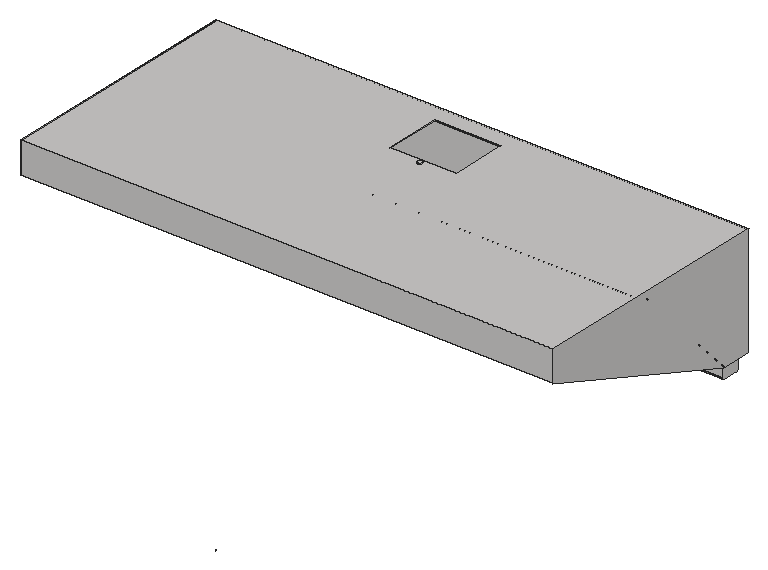
Revit family "QF_ELECTROLUXPROFESSIONAL_644194_AMPV1124BT", category Specialty Equipment, Revit 2014
Reference planes
  plane 1 "Center (Front/Back)": y = 0
  plane 2: z = 0
  plane 3 "Center (Left/Right)": x = 150
  plane 4 "LEFT": x = -1050
  plane 5 "RIGHT": x = 1350
  plane 6 "BACK": y = 550
  plane 7 "FRONT": y = -550
  plane 8 "Plane": z = 2000
  plane 9 "TOP": z = 2140
  plane 10 "Base": z = 1640
  plane 11: z = 1566
  plane 12 "DrainY": y = 485
  plane 13: x = -1047
  plane 14: through (0, 414.509, 1640.8) normal (0, 0.7314, 0.682)
  plane 15: y = 470
  plane 16: y = 220
  plane 17 "DrainX": x = 1230
  plane 18: x = 300
  plane 19: x = 0
  plane 20: x = 1347
  plane 21: x = 1140
  plane 22: x = 1320
  plane 23: x = -1010
  plane 24: x = -645
  plane 25: x = -450
  plane 26: x = 1310
  plane 27: x = 945
  plane 28: x = 750
  plane 29: x = -47.5
  plane 30: x = 347.5
  plane 31: y = 200
Forms (mm)
  Extrusion 1, solid, material "QF_Finishes_Stainless Steel"
    sketch origin (-1050, 0, 0) x (0, 1, 0) y (0, 0, 1)
      loop
        line (550, 1640) -> (550, 2140) -> (-550, 2140) -> (-550, 1999.112) -> (413.973, 1640) -> (550, 1640)
    from 0 to 3
  Extrusion 2, solid, material "QF_Finishes_Stainless Steel"
    sketch origin (150, 0, 0) x (0, 1, 0) y (0, 0, 1)
      loop
        line (415.255, 1640) -> (550, 1640) -> (550, 2139.19) -> (549.2, 2139.19) -> (549.2, 1640.8) -> (415.876, 1640.8) -> (339.347, 1722.867) -> (349.609, 1732.436) -> (348.927, 1733.167) -> (337.934, 1722.917) -> (415.255, 1640)
      loop
        line (-82.203, 2139.19) -> (-82.203, 2118.6) -> (-31.047, 2118.6) -> (34.354, 2048.466) -> (46.028, 2059.352) -> (45.346, 2060.083) -> (34.403, 2049.879) -> (-30.612, 2119.6) -> (-81.203, 2119.6) -> (-81.203, 2139.19) -> (-82.203, 2139.19)
    from -1197 to 1197
  Extrusion 3, solid, material "QF_Finishes_Stainless Steel"
    sketch origin (1350, 0, 0) x (0, 1, 0) y (0, 0, 1)
      loop
        line (550, 1640) -> (550, 2140) -> (-550, 2140) -> (-550, 1999.112) -> (413.973, 1640) -> (550, 1640)
    from 0 to -3
  Extrusion 4, solid, material "QF_Finishes_Stainless Steel"
    sketch origin (150, 0, 0) x (0, 1, 0) y (0, 0, 1)
      loop
        line (-550, 2140) -> (-550, 2000) -> (-549.2, 2000) -> (-549.2, 2139.19) -> (550, 2139.19) -> (550, 2140) -> (-550, 2140)
    from -1200 to 1200
  Extrusion 5, solid, material "QF_Finishes_Stainless Steel"
    sketch origin (150, 0, 0) x (0, 1, 0) y (0, 0, 1)
      loop
        line (534, 1640) -> (436, 1640) -> (436, 1627) -> (443.5, 1627) -> (443.5, 1576)
        arc (443.5, 1576) -> (446.429, 1568.929) -> (453.5, 1566) r 10
        line (453.5, 1566) -> (516.5, 1566)
        arc (516.5, 1566) -> (523.571, 1568.929) -> (526.5, 1576) r 10
        line (526.5, 1576) -> (526.5, 1627) -> (534, 1627) -> (534, 1640)
    from 990 to 1170
  Extrusion 6, solid, material "QF_Finishes_Stainless Steel"
    sketch origin (0, 0, 1640) x (0, 1, 0) y (-1, 0, 0)
      loop
        circle (485, -1230) r 20
    from -76 to -74
  Extrusion 7, solid, material "QF_Finished_Chrome"
    sketch origin (150, 0, 0) x (0, 1, 0) y (0, 0, 1)
      loop
        line (337.934, 1722.917) -> (341.591, 1726.327) -> (38.011, 2051.876) -> (34.354, 2048.466) -> (337.934, 1722.917)
    from -795 to -1160
  Extrusion 8, solid, material "QF_Finished_Chrome"
    sketch origin (150, 0, 0) x (0, 1, 0) y (0, 0, 1)
      loop
        line (337.934, 1722.917) -> (341.591, 1726.327) -> (38.011, 2051.876) -> (34.354, 2048.466) -> (337.934, 1722.917)
    from -197.5 to -600
  Extrusion 9, solid, material "QF_Finishes_Stainless Steel"
    sketch origin (150, 0, 0) x (0, 1, 0) y (0, 0, 1)
      loop
        line (337.934, 1722.917) -> (341.591, 1726.327) -> (38.011, 2051.876) -> (34.354, 2048.466) -> (337.934, 1722.917)
    from 1197 to 1160
  Extrusion 10, solid, material "QF_Finishes_Stainless Steel"
    sketch origin (150, 0, 0) x (0, 1, 0) y (0, 0, 1)
      loop
        line (341.588, 1726.324) -> (38.009, 2051.874) -> (34.354, 2048.466) -> (337.934, 1722.917) -> (341.588, 1726.324)
    from -795 to -600
  Extrusion 11, solid, material "QF_Finished_Chrome"
    sketch origin (150, 0, 0) x (0, 1, 0) y (0, 0, 1)
      loop
        line (341.588, 1726.324) -> (38.009, 2051.874) -> (34.354, 2048.466) -> (337.934, 1722.917) -> (341.588, 1726.324)
    from 795 to 1160
  Extrusion 12, void
    sketch origin (0, 0, 2140) x (0, 1, 0) y (-1, 0, 0)
      loop
        line (470, 0) -> (220, 0) -> (220, -300) -> (470, -300) -> (470, 0)
    from 0 to -10
  Extrusion 13, solid, material "QF_Finishes_Stainless Steel"
    sketch origin (0, 0, 0) x (1, 0, 0) y (0, 1, 0)
      loop
        line (-1050, 550) -> (-1050, 549) -> (-1049, 549) -> (-1049, 550) -> (-1050, 550)
    from 0 to 1
  Extrusion 14, solid, material "QF_Finishes_Stainless Steel"
    sketch origin (150, 0, 0) x (0, 1, 0) y (0, 0, 1)
      loop
        line (337.934, 1722.917) -> (341.591, 1726.327) -> (38.011, 2051.876) -> (34.354, 2048.466) -> (337.934, 1722.917)
    from -1160 to -1197
  Extrusion 15, solid, material "QF_Finishes_Stainless Steel"
    sketch origin (150, 0, 0) x (0, 1, 0) y (0, 0, -1)
      loop
        line (341.588, -1726.324) -> (337.934, -1722.917) -> (34.354, -2048.466) -> (38.009, -2051.874) -> (341.588, -1726.324)
    from -795 to -600
  Extrusion 16, solid, material "QF_Finished_Chrome"
    sketch origin (150, 0, 0) x (0, 1, 0) y (0, 0, 1)
      loop
        line (337.934, 1722.917) -> (341.591, 1726.327) -> (38.011, 2051.876) -> (34.354, 2048.466) -> (337.934, 1722.917)
    from 600 to 197.5
  Extrusion 17, solid, material "QF_Finishes_Stainless Steel"
    sketch origin (150, 0, 0) x (0, 1, 0) y (0, 0, -1)
      loop
        line (341.588, -1726.324) -> (337.934, -1722.917) -> (34.354, -2048.466) -> (38.009, -2051.874) -> (341.588, -1726.324)
    from -197.5 to 197.5
  Extrusion 18, solid, material "QF_Finishes_Stainless Steel"
    sketch origin (0, 0, 2140) x (0, 1, 0) y (-1, 0, 0)
      loop
        circle (200, -150) r 10
    from 0 to 1.6
Cuts and joins
  Extrusion 12 cuts Extrusion 4
  joined: Extrusion 2, Extrusion 4
Lines and regions (mm)
  reference lines
    curve 1: line (150, 34.354, 2048.466) -> (150, 34.354, 1888.466)
  symbolic lines, style "SpecialityEquipment", detail levels coarse
    curve 2: line (1350, 550, 2140) -> (-1050, 550, 2140)
    curve 3: line (-1050, 550, 2140) -> (-1050, -550, 2140)
    curve 4: line (1350, -550, 2140) -> (1350, 550, 2140)
    curve 5: line (-1050, -550, 2140) -> (1350, -550, 2140)
    curve 6: line (0, 220, 2140) -> (300, 220, 2140)
    curve 7: line (0, 470, 2140) -> (0, 220, 2140)
    curve 8: line (300, 470, 2140) -> (0, 470, 2140)
    curve 9: line (300, 220, 2140) -> (300, 470, 2140)
    curve 10: line (-1050, 550, 0) -> (1350, -550, 0)
    curve 11: line (1350, 550, 0) -> (-1050, -550, 0)
Dimensions and locks
  plane 4 "LEFT" to plane 5 "RIGHT" = 2400 mm
  equal spacing: plane 4 "LEFT", plane 3 "Center (Left/Right)", plane 5 "RIGHT"
  locked: plane 8 "Plane" to level at 2000
  plane 9 "TOP" to plane 8 "Plane" = 140 mm
  locked: plane 9 "TOP" to plane 10 "Base" at 500
  plane 10 "Base" to plane 11 = 74 mm
  plane 6 "BACK" to plane 12 "DrainY" = 65 mm  (x2)
  plane 4 "LEFT" to plane 13 = 3 mm
  plane 6 "BACK" to plane 15 = 80 mm
  plane 15 to plane 16 = 250 mm  (x2)
  plane 17 "DrainX" to plane 5 "RIGHT" = 120 mm
  plane 20 to plane 5 "RIGHT" = 3 mm
  locked: plane 21 to plane 17 "DrainX" at 90
  locked: plane 17 "DrainX" to plane 22 at 90
  plane 6 "BACK" to plane 7 "FRONT" = 1100 mm  (x2)
  equal spacing: plane 6 "BACK", plane 1 "Center (Front/Back)", plane 7 "FRONT"
  plane 16 to plane 7 "FRONT" = 770 mm
  plane 15 to plane 6 "BACK" = 80 mm
  locked: plane 4 "LEFT" to plane 23 at 40
  locked: plane 23 to plane 24 at 365
  locked: plane 24 to plane 25 at 195
  locked: plane 26 to plane 27 at 365
  locked: plane 27 to plane 28 at 195
  locked: plane 26 to plane 5 "RIGHT" at 40
  locked: plane 29 to plane 30 at 395
  equal spacing: plane 29, plane 3 "Center (Left/Right)", plane 30
  locked: plane 19 to plane 18 at 300
  equal spacing: plane 19, plane 3 "Center (Left/Right)", plane 18
  plane 25 to plane 29 = 402.5 mm
  plane 30 to plane 28 = 402.5 mm
  plane 16 to plane 31 = 20 mm
  aligned and locked: level to plane 2
  aligned and locked: Extrusion 2 to Extrusion 1
  aligned and locked: Extrusion 2 to Extrusion 3
  aligned and locked: plane 5 "RIGHT" to Extrusion 4
  aligned and locked: Extrusion 4 to plane 4 "LEFT"
  aligned and locked: plane 20 to Extrusion 9
  aligned and locked: plane 19 to Extrusion 12
  aligned and locked: Extrusion 12 to plane 18
  aligned and locked: Extrusion 12 to plane 16
  aligned and locked: Extrusion 12 to plane 15
  aligned and locked: Extrusion 2 to Extrusion 4
  aligned and locked: plane 22 to Extrusion 5
  aligned and locked: Extrusion 5 to plane 21
  aligned and locked: Extrusion 9 to plane 26
  aligned and locked: Extrusion 11 to plane 26
  aligned and locked: Extrusion 11 to plane 27
  aligned and locked: Extrusion 8 to plane 25
  aligned and locked: plane 25 to Extrusion 10
  aligned and locked: Extrusion 10 to plane 24
  aligned and locked: plane 24 to Extrusion 7
  aligned and locked: Extrusion 7 to plane 23
  aligned and locked: Extrusion 14 to plane 13
  aligned and locked: plane 23 to Extrusion 14
  aligned and locked: Extrusion 15 to plane 28
  aligned and locked: Extrusion 15 to plane 27
  aligned and locked: Extrusion 3 to plane 20
  aligned and locked: plane 29 to Extrusion 8
  aligned and locked: Extrusion 16 to plane 28
  aligned and locked: Extrusion 16 to plane 30
  aligned and locked: plane 30 to Extrusion 17
  aligned and locked: Extrusion 17 to plane 29
Automatic sketch dimensions
  curve 5 to plane 4 "LEFT" = 0 mm
  curve 5 to plane 7 "FRONT" = 0 mm
  curve 9 to plane 16 = 0 mm
  plane 15 to curve 8 = 0 mm
  curve 3 to plane 6 "BACK" = 0 mm
  curve 5 to plane 5 "RIGHT" = 0 mm
  curve 6 to plane 18 = 0 mm
  curve 6 to plane 19 = 0 mm
  Extrusion 1 sketch curve to plane 7 "FRONT" = 0 mm
  Extrusion 1 sketch curve to plane 10 "Base" = 0 mm
  Extrusion 1 sketch curve to plane 6 "BACK" = 0 mm
  Extrusion 1 sketch curve to plane 9 "TOP" = 0 mm
  plane 15 to Extrusion 1 sketch curve = 56.027 mm
  Extrusion 1 sketch curve to plane 8 "Plane" = 0.888 mm
  Extrusion 2 sketch curve to plane 14 = 0 mm  (x3)
  Extrusion 2 sketch curve to plane 10 "Base" = 0 mm
  plane 14 to Extrusion 2 sketch curve = 0 mm
  Extrusion 2 sketch curve to plane 6 "BACK" = 0 mm
  Extrusion 2 sketch curve to Extrusion 2 sketch curve = 65.646 mm
  Extrusion 2 sketch curve to Extrusion 2 sketch curve = 0.682 mm  (x2)
  Extrusion 2 sketch curve to Extrusion 2 sketch curve = 10.261 mm
  plane 10 "Base" to Extrusion 2 sketch curve = 82.917 mm
  Extrusion 2 sketch curve to plane 1 "Center (Front/Back)" = 46.028 mm
  Extrusion 2 sketch curve to Extrusion 2 sketch curve = 10.942 mm
  Extrusion 2 sketch curve to Extrusion 2 sketch curve = 0.049 mm
  Extrusion 2 sketch curve to plane 9 "TOP" = 20.4 mm
  Extrusion 2 sketch curve to plane 9 "TOP" = 21.4 mm
  Extrusion 2 sketch curve to plane 9 "TOP" = 0.81 mm  (x2)
  Extrusion 2 sketch curve to Extrusion 2 sketch curve = 50.156 mm
  Extrusion 2 sketch curve to Extrusion 2 sketch curve = 1 mm
  plane 10 "Base" to Extrusion 2 sketch curve = 0.8 mm
  Extrusion 2 sketch curve to plane 6 "BACK" = 0.8 mm
  Extrusion 3 sketch curve to plane 7 "FRONT" = 0 mm
  Extrusion 3 sketch curve to plane 10 "Base" = 0 mm
  Extrusion 3 sketch curve to plane 6 "BACK" = 0 mm
  Extrusion 3 sketch curve to plane 9 "TOP" = 0 mm
  plane 15 to Extrusion 3 sketch curve = 56.027 mm
  Extrusion 3 sketch curve to plane 8 "Plane" = 0.888 mm
  Extrusion 4 sketch curve to plane 7 "FRONT" = 0 mm
  Extrusion 4 sketch curve to plane 8 "Plane" = 0 mm
  Extrusion 4 sketch curve to plane 6 "BACK" = 0 mm
  Extrusion 4 sketch curve to plane 9 "TOP" = 0 mm
  plane 7 "FRONT" to Extrusion 4 sketch curve = 0.8 mm
  Extrusion 4 sketch curve to plane 9 "TOP" = 0.81 mm
  curve 1 to plane 14 = 0 mm
  curve 1 to plane 1 "Center (Front/Back)" = 34.354 mm
  curve 1 to plane 8 "Plane" = 111.534 mm
  Extrusion 5 sketch curve to plane 10 "Base" = 0 mm
  Extrusion 5 sketch curve to plane 11 = 0 mm
  Extrusion 5 sketch curve to plane 10 "Base" = 13 mm  (x2)
  plane 15 to Extrusion 5 sketch curve = 34 mm
  Extrusion 5 sketch curve to Extrusion 5 sketch curve = 7.5 mm  (x2)
  Extrusion 5 sketch curve to Extrusion 5 sketch curve = 10 mm
  plane 12 "DrainY" to Extrusion 5 sketch curve = 31.5 mm
  Extrusion 5 sketch curve to plane 6 "BACK" = 23.5 mm
  Extrusion 6 sketch curve to plane 12 "DrainY" = 0 mm
  Extrusion 6 sketch curve to plane 17 "DrainX" = 0 mm
  Extrusion 7 sketch curve to plane 14 = 0 mm  (x2)
  Extrusion 7 sketch curve to plane 1 "Center (Front/Back)" = 34.354 mm
  Extrusion 7 sketch curve to Extrusion 7 sketch curve = 3.657 mm
  plane 10 "Base" to Extrusion 7 sketch curve = 82.917 mm
  Extrusion 8 sketch curve to plane 14 = 0 mm  (x2)
  Extrusion 8 sketch curve to plane 1 "Center (Front/Back)" = 34.354 mm
  Extrusion 8 sketch curve to Extrusion 8 sketch curve = 3.657 mm
  plane 10 "Base" to Extrusion 8 sketch curve = 82.917 mm
  Extrusion 9 sketch curve to plane 14 = 0 mm  (x2)
  Extrusion 9 sketch curve to plane 1 "Center (Front/Back)" = 34.354 mm
  Extrusion 9 sketch curve to Extrusion 9 sketch curve = 3.657 mm
  plane 10 "Base" to Extrusion 9 sketch curve = 82.917 mm
  Extrusion 10 sketch curve to plane 14 = 0 mm  (x2)
  Extrusion 10 sketch curve to plane 1 "Center (Front/Back)" = 34.354 mm
  Extrusion 10 sketch curve to Extrusion 10 sketch curve = 3.655 mm
  plane 10 "Base" to Extrusion 10 sketch curve = 82.917 mm
  Extrusion 11 sketch curve to plane 14 = 0 mm  (x2)
  Extrusion 11 sketch curve to plane 1 "Center (Front/Back)" = 34.354 mm
  Extrusion 11 sketch curve to Extrusion 11 sketch curve = 3.655 mm
  plane 10 "Base" to Extrusion 11 sketch curve = 82.917 mm
  Extrusion 12 sketch curve to plane 16 = 0 mm
  plane 15 to Extrusion 12 sketch curve = 0 mm
  Extrusion 12 sketch curve to plane 18 = 0 mm
  Extrusion 12 sketch curve to plane 19 = 0 mm
  Extrusion 13 sketch curve to plane 4 "LEFT" = 0 mm
  Extrusion 13 sketch curve to plane 6 "BACK" = 0 mm
  plane 4 "LEFT" to Extrusion 13 sketch curve = 1 mm
  Extrusion 13 sketch curve to Extrusion 13 sketch curve = 1 mm
  Extrusion 14 sketch curve to plane 14 = 0 mm  (x2)
  Extrusion 14 sketch curve to plane 1 "Center (Front/Back)" = 34.354 mm
  Extrusion 14 sketch curve to Extrusion 14 sketch curve = 3.657 mm
  plane 10 "Base" to Extrusion 14 sketch curve = 82.917 mm
  Extrusion 15 sketch curve to plane 14 = 0 mm  (x2)
  Extrusion 15 sketch curve to plane 1 "Center (Front/Back)" = 34.354 mm
  Extrusion 15 sketch curve to Extrusion 15 sketch curve = 3.655 mm
  plane 10 "Base" to Extrusion 15 sketch curve = 82.917 mm
  Extrusion 16 sketch curve to plane 14 = 0 mm  (x2)
  Extrusion 16 sketch curve to plane 1 "Center (Front/Back)" = 34.354 mm
  Extrusion 16 sketch curve to Extrusion 16 sketch curve = 3.657 mm
  plane 10 "Base" to Extrusion 16 sketch curve = 82.917 mm
  Extrusion 17 sketch curve to plane 14 = 0 mm  (x2)
  Extrusion 17 sketch curve to plane 1 "Center (Front/Back)" = 34.354 mm
  Extrusion 17 sketch curve to Extrusion 17 sketch curve = 3.655 mm
  plane 10 "Base" to Extrusion 17 sketch curve = 82.917 mm
  curve 11 to plane 4 "LEFT" = 0 mm
  curve 10 to plane 4 "LEFT" = 0 mm
  curve 11 to plane 5 "RIGHT" = 0 mm
  curve 10 to plane 5 "RIGHT" = 0 mm
  curve 10 to plane 7 "FRONT" = 0 mm
  curve 11 to plane 7 "FRONT" = 0 mm
  curve 11 to plane 6 "BACK" = 0 mm
  curve 10 to plane 6 "BACK" = 0 mm
  Extrusion 18 sketch curve to plane 3 "Center (Left/Right)" = 0 mm
  Extrusion 18 sketch curve to plane 31 = 0 mm
  radius of Extrusion 6 sketch curve = 20 mm
  radius of Extrusion 18 sketch curve = 10 mm
Connectors
  piping at (1230, 485, 1564), diameter 20
    settings: on Extrusion 6, index 1, connector inside diameter 609.6 mm, connector length 0 mm, flow factor 0, pipe flow 0.0 L/s, pressure drop 0.0 Pa, fitting loss kfactor 0, connector angle 0.00°, fixture units 0, engagement length 0 mm, angle of deflection 0.00°, flow configuration 1, flow direction 2, fitting loss method 0, system type 16, joint type 0, gender type 0, connector reference index -1, connector utility 0, adjustable connector no, is connector primary yes, connector description "Drain"
  hvac at (150, 345, 2140)
    settings: on Extrusion 12, index 2, duct flow 0.0 L/s, flow factor 0, pres drop 0.0 Pa, loss coef 0, conn angle 0.00°, conn width 250 mm, conn height 300 mm, conn diameter 609.6 mm, duct sys type 3, conn prof type 1, flow config 1, flow direction 2, loss method 0, conn ref index -1, conn util no, is conn primary yes, conn desc "EXHAUST OUTLET"
  electrical at (150, 200, 2141.6)
    settings: on Extrusion 18, index 3, voltage 0 V, apparent load 0 VA, apparent load phase1 0 VA, apparent load phase2 0 VA, apparent load phase3 0 VA, power factor 1, load classification "Other", number of poles 1, system type 30, power factor state 1, is connector primary yes, connector utility no, sub classification motor no, connector description "Electrical Connection"
